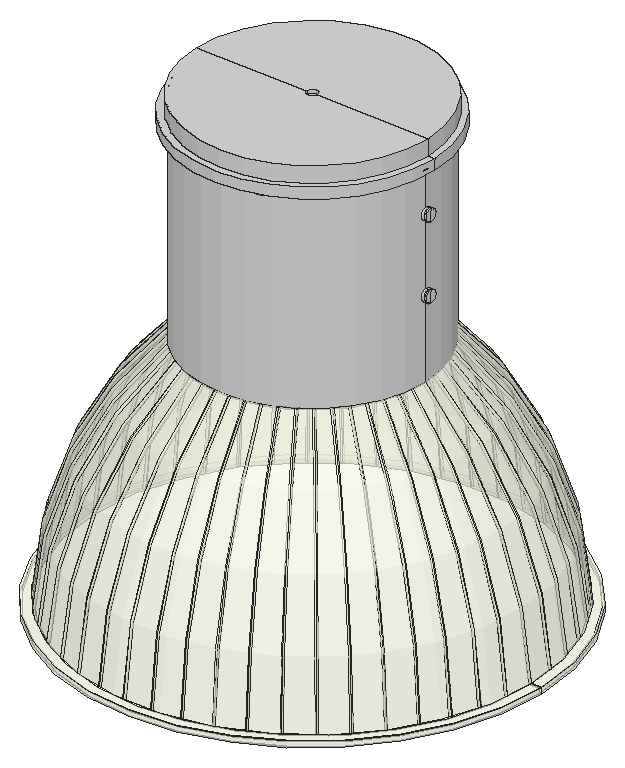
Revit family "FA22", category Lighting Fixtures, Revit 2024
Family settings
  Round Connector Dimension = Use Diameter
  Part Type = Normal
  OmniClass Number = 23.80.70.00
  OmniClass Title = Lighting
  Work Plane-Based = No
  Always vertical = Yes
  Cut with Voids When Loaded = No
  Light Source = No
  Maintain Annotation Orientation = No
  Shared = No
  Room Calculation Point = No
Parameters
  Default Elevation = 0' - 0"
Reference planes (in)
  plane 1 "Light Source Axis (F/B)": y = 0
  plane 2: z = 0
  plane 3 "Light Source Axis (L/R)": x = 0
  plane 4 "Light Source Elevation": z = 54
Forms (in)
  Revolve 1, solid, material "48"
    sketch origin (0, 0, 0) x (1, 0, 0) y (0, 0, 1)
      loop
        line (5.5625, 76) -> (0.25, 76) -> (0.25, 75.875) -> (5.4375, 75.875) -> (5.4375, 75.125) -> (5.75, 75.125) -> (5.75, 74.875) -> (5.6875, 74.875)
        arc (5.6875, 74.875) -> (5.42233, 74.76517) -> (5.3125, 74.5) r 0.375
        line (5.3125, 74.5) -> (5.3125, 65.59375) -> (0.25, 65.59375) -> (0.25, 65.5) -> (5.4375, 65.5) -> (5.4375, 74.5)
        arc (5.4375, 74.5) -> (5.51072, 74.67678) -> (5.6875, 74.75) r 0.25
        line (5.6875, 74.75) -> (5.875, 74.75) -> (5.875, 75.25) -> (5.5625, 75.25) -> (5.5625, 76)
      axis (0, 76) -> (0, 65.5)
    angle from 0 to 360
  Revolve 2, solid, material "48"
    sketch origin (1.9375, 0, 0.875) x (1, 0, 0) y (0, 0, 1)
      loop
        line (3.5, 71.875) -> (3.75, 71.875) -> (3.75, 72.145) -> (3.686, 72.145) -> (3.686, 72.105)
        arc (3.686, 72.105) -> (3.633, 72.052) -> (3.58, 72.105) r 0.053
        arc (3.58, 72.105) -> (3.54, 72.145) -> (3.5, 72.105) r 0.04
        line (3.5, 72.105) -> (3.5, 71.875)
      axis (3.75, 71.875) -> (3.5, 71.875)
    angle from 0 to 360
  Revolve 3, solid, material "48"
    sketch origin (1.9375, 0, -2.625) x (1, 0, 0) y (0, 0, 1)
      loop
        line (3.5, 71.875) -> (3.75, 71.875) -> (3.75, 72.145) -> (3.686, 72.145) -> (3.686, 72.105)
        arc (3.686, 72.105) -> (3.633, 72.052) -> (3.58, 72.105) r 0.053
        arc (3.58, 72.105) -> (3.54, 72.145) -> (3.5, 72.105) r 0.04
        line (3.5, 72.105) -> (3.5, 71.875)
      axis (3.75, 71.875) -> (3.5, 71.875)
    angle from 0 to 360
  Revolve 4, solid, material "48"
    sketch origin (-1.9375, 0, -2.625) x (-1, 0, 0) y (0, 0, -1)
      loop
        line (3.5, -71.875) -> (3.5, -72.105)
        arc (3.5, -72.105) -> (3.54, -72.145) -> (3.58, -72.105) r 0.04
        arc (3.58, -72.105) -> (3.633, -72.052) -> (3.686, -72.105) r 0.053
        line (3.686, -72.105) -> (3.686, -72.145) -> (3.75, -72.145) -> (3.75, -71.875) -> (3.5, -71.875)
      axis (3.75, -71.875) -> (3.5, -71.875)
    angle from 0 to 360
  Revolve 5, solid, material "48"
    sketch origin (-1.9375, 0, 0.875) x (-1, 0, 0) y (0, 0, -1)
      loop
        line (3.5, -71.875) -> (3.5, -72.105)
        arc (3.5, -72.105) -> (3.54, -72.145) -> (3.58, -72.105) r 0.04
        arc (3.58, -72.105) -> (3.633, -72.052) -> (3.686, -72.105) r 0.053
        line (3.686, -72.105) -> (3.686, -72.145) -> (3.75, -72.145) -> (3.75, -71.875) -> (3.5, -71.875)
      axis (3.75, -71.875) -> (3.5, -71.875)
    angle from 0 to 360
  Revolve 6, solid, material "GLASS SHADE"
    sketch origin (0, 0, 0) x (1, 0, 0) y (0, 0, 1)
      loop
        arc (10.5334, 54.30779) -> (9.07416, 60.39959) -> (5.4375, 65.5) r 16.40104
        line (5.4375, 65.5) -> (0.25, 65.5) -> (0.25, 65.40625) -> (5.40003, 65.40625)
        arc (5.40003, 65.40625) -> (9.01507, 60.30283) -> (10.44335, 54.21404) r 16.30729
        line (10.44335, 54.21404) -> (10.90625, 54.21404) -> (10.90625, 54) -> (11, 54) -> (11, 54.30779) -> (10.5334, 54.30779)
      axis (0, 54) -> (0, 65.5)
    angle from 0 to 360
  Sweep 7, solid, material "GLASS SHADE"
    path origin (0, 0, 0) x (1, 0, 0) y (0, 0, 1)
      loop
        arc (5.40003, 65.40625) -> (9.02499, 60.35864) -> (10.44124, 54.30779) r 15.91942
    profile origin (9.02499, 0, 60.35864) x (0.910476, 0, 0.413561) y (0, -1, 0)
      loop
        circle (0, 0) r 0.0625
  Sweep 8, solid, material "GLASS SHADE"
    path origin (0, 0, 0) x (0.992115, -0.125333, 0) y (0, 0, 1)
      loop
        arc (5.40003, 65.40625) -> (9.02499, 60.35864) -> (10.44124, 54.30779) r 15.91942
    profile origin (8.95382, -1.13113, 60.35864) x (0.903297, -0.114113, 0.413561) y (-0.125333, -0.992115, 0)
      loop
        circle (0, 0) r 0.0625
  Sweep 9, solid, material "GLASS SHADE"
    path origin (0, 0, 0) x (0.992115, 0.125333, 0) y (0, 0, 1)
      loop
        arc (5.40003, 65.40625) -> (9.02499, 60.35864) -> (10.44124, 54.30779) r 15.91942
    profile origin (8.95382, 1.13113, 60.35864) x (0.903297, 0.114113, 0.413561) y (0.125333, -0.992115, 0)
      loop
        circle (0, 0) r 0.0625
  Sweep 10, solid, material "GLASS SHADE"
    path origin (0, 0, 0) x (0.968583, 0.24869, 0) y (0, 0, 1)
      loop
        arc (5.40003, 65.40625) -> (9.02499, 60.35864) -> (10.44124, 54.30779) r 15.91942
    profile origin (8.74145, 2.24442, 60.35864) x (0.881872, 0.226426, 0.413561) y (0.24869, -0.968583, 0)
      loop
        circle (0, 0) r 0.0625
  Sweep 11, solid, material "GLASS SHADE"
    path origin (0, 0, 0) x (0.929776, 0.368125, 0) y (0, 0, 1)
      loop
        arc (5.40003, 65.40625) -> (9.02499, 60.35864) -> (10.44124, 54.30779) r 15.91942
    profile origin (8.39122, 3.32232, 60.35864) x (0.846539, 0.335169, 0.413561) y (0.368125, -0.929776, 0)
      loop
        circle (0, 0) r 0.0625
  Sweep 12, solid, material "GLASS SHADE"
    path origin (0, 0, 0) x (0.876307, 0.481754, 0) y (0, 0, 1)
      loop
        arc (5.40003, 65.40625) -> (9.02499, 60.35864) -> (10.44124, 54.30779) r 15.91942
    profile origin (7.90866, 4.34782, 60.35864) x (0.797856, 0.438625, 0.413561) y (0.481754, -0.876307, 0)
      loop
        circle (0, 0) r 0.0625
  Sweep 13, solid, material "GLASS SHADE"
    path origin (0, 0, 0) x (0.809017, 0.587785, 0) y (0, 0, 1)
      loop
        arc (5.40003, 65.40625) -> (9.02499, 60.35864) -> (10.44124, 54.30779) r 15.91942
    profile origin (7.30137, 5.30476, 60.35864) x (0.736591, 0.535165, 0.413561) y (0.587785, -0.809017, 0)
      loop
        circle (0, 0) r 0.0625
  Sweep 14, solid, material "GLASS SHADE"
    path origin (0, 0, 0) x (0.728969, 0.684547, 0) y (0, 0, 1)
      loop
        arc (5.40003, 65.40625) -> (9.02499, 60.35864) -> (10.44124, 54.30779) r 15.91942
    profile origin (6.57893, 6.17803, 60.35864) x (0.663709, 0.623264, 0.413561) y (0.684547, -0.728969, 0)
      loop
        circle (0, 0) r 0.0625
  Sweep 15, solid, material "GLASS SHADE"
    path origin (0, 0, 0) x (0.637424, 0.770513, 0) y (0, 0, 1)
      loop
        arc (5.40003, 65.40625) -> (9.02499, 60.35864) -> (10.44124, 54.30779) r 15.91942
    profile origin (5.75274, 6.95387, 60.35864) x (0.580359, 0.701534, 0.413561) y (0.770513, -0.637424, 0)
      loop
        circle (0, 0) r 0.0625
  Sweep 16, solid, material "GLASS SHADE"
    path origin (0, 0, 0) x (0.535827, 0.844328, 0) y (0, 0, 1)
      loop
        arc (5.40003, 65.40625) -> (9.02499, 60.35864) -> (10.44124, 54.30779) r 15.91942
    profile origin (4.83583, 7.62005, 60.35864) x (0.487858, 0.768741, 0.413561) y (0.844328, -0.535827, 0)
      loop
        circle (0, 0) r 0.0625
  Sweep 17, solid, material "GLASS SHADE"
    path origin (0, 0, 0) x (0.425779, 0.904827, 0) y (0, 0, 1)
      loop
        arc (5.40003, 65.40625) -> (9.02499, 60.35864) -> (10.44124, 54.30779) r 15.91942
    profile origin (3.84265, 8.16605, 60.35864) x (0.387662, 0.823824, 0.413561) y (0.904827, -0.425779, 0)
      loop
        circle (0, 0) r 0.0625
  Sweep 18, solid, material "GLASS SHADE"
    path origin (0, 0, 0) x (0.309017, 0.951057, 0) y (0, 0, 1)
      loop
        arc (5.40003, 65.40625) -> (9.02499, 60.35864) -> (10.44124, 54.30779) r 15.91942
    profile origin (2.78887, 8.58327, 60.35864) x (0.281353, 0.865914, 0.413561) y (0.951057, -0.309017, 0)
      loop
        circle (0, 0) r 0.0625
  Sweep 19, solid, material "GLASS SHADE"
    path origin (0, 0, 0) x (0.187381, 0.982287, 0) y (0, 0, 1)
      loop
        arc (5.40003, 65.40625) -> (9.02499, 60.35864) -> (10.44124, 54.30779) r 15.91942
    profile origin (1.69111, 8.86513, 60.35864) x (0.170606, 0.894349, 0.413561) y (0.982287, -0.187381, 0)
      loop
        circle (0, 0) r 0.0625
  Sweep 20, solid, material "GLASS SHADE"
    path origin (0, 0, 0) x (0.062791, 0.998027, 0) y (0, 0, 1)
      loop
        arc (5.40003, 65.40625) -> (9.02499, 60.35864) -> (10.44124, 54.30779) r 15.91942
    profile origin (0.56668, 9.00718, 60.35864) x (0.057169, 0.90868, 0.413561) y (0.998027, -0.062791, 0)
      loop
        circle (0, 0) r 0.0625
  Sweep 21, solid, material "GLASS SHADE"
    path origin (0, 0, 0) x (-0.062791, 0.998027, 0) y (0, 0, 1)
      loop
        arc (5.40003, 65.40625) -> (9.02499, 60.35864) -> (10.44124, 54.30779) r 15.91942
    profile origin (-0.56668, 9.00718, 60.35864) x (-0.057169, 0.90868, 0.413561) y (0.998027, 0.062791, 0)
      loop
        circle (0, 0) r 0.0625
  Sweep 22, solid, material "GLASS SHADE"
    path origin (0, 0, 0) x (-0.187381, 0.982287, 0) y (0, 0, 1)
      loop
        arc (5.40003, 65.40625) -> (9.02499, 60.35864) -> (10.44124, 54.30779) r 15.91942
    profile origin (-1.69111, 8.86513, 60.35864) x (-0.170606, 0.894349, 0.413561) y (0.982287, 0.187381, 0)
      loop
        circle (0, 0) r 0.0625
  Sweep 23, solid, material "GLASS SHADE"
    path origin (0, 0, 0) x (-0.309017, 0.951057, 0) y (0, 0, 1)
      loop
        arc (5.40003, 65.40625) -> (9.02499, 60.35864) -> (10.44124, 54.30779) r 15.91942
    profile origin (-2.78887, 8.58327, 60.35864) x (-0.281353, 0.865914, 0.413561) y (0.951057, 0.309017, 0)
      loop
        circle (0, 0) r 0.0625
  Sweep 24, solid, material "GLASS SHADE"
    path origin (0, 0, 0) x (-0.425779, 0.904827, 0) y (0, 0, 1)
      loop
        arc (5.40003, 65.40625) -> (9.02499, 60.35864) -> (10.44124, 54.30779) r 15.91942
    profile origin (-3.84265, 8.16605, 60.35864) x (-0.387662, 0.823824, 0.413561) y (0.904827, 0.425779, 0)
      loop
        circle (0, 0) r 0.0625
  Sweep 25, solid, material "GLASS SHADE"
    path origin (0, 0, 0) x (-0.535827, 0.844328, 0) y (0, 0, 1)
      loop
        arc (5.40003, 65.40625) -> (9.02499, 60.35864) -> (10.44124, 54.30779) r 15.91942
    profile origin (-4.83583, 7.62005, 60.35864) x (-0.487858, 0.768741, 0.413561) y (0.844328, 0.535827, 0)
      loop
        circle (0, 0) r 0.0625
  Sweep 26, solid, material "GLASS SHADE"
    path origin (0, 0, 0) x (-0.637424, 0.770513, 0) y (0, 0, 1)
      loop
        arc (5.40003, 65.40625) -> (9.02499, 60.35864) -> (10.44124, 54.30779) r 15.91942
    profile origin (-5.75274, 6.95387, 60.35864) x (-0.580359, 0.701534, 0.413561) y (0.770513, 0.637424, 0)
      loop
        circle (0, 0) r 0.0625
  Sweep 27, solid, material "GLASS SHADE"
    path origin (0, 0, 0) x (-0.728969, 0.684547, 0) y (0, 0, 1)
      loop
        arc (5.40003, 65.40625) -> (9.02499, 60.35864) -> (10.44124, 54.30779) r 15.91942
    profile origin (-6.57893, 6.17803, 60.35864) x (-0.663709, 0.623264, 0.413561) y (0.684547, 0.728969, 0)
      loop
        circle (0, 0) r 0.0625
  Sweep 28, solid, material "GLASS SHADE"
    path origin (0, 0, 0) x (-0.809017, 0.587785, 0) y (0, 0, 1)
      loop
        arc (5.40003, 65.40625) -> (9.02499, 60.35864) -> (10.44124, 54.30779) r 15.91942
    profile origin (-7.30137, 5.30476, 60.35864) x (-0.736591, 0.535165, 0.413561) y (0.587785, 0.809017, 0)
      loop
        circle (0, 0) r 0.0625
  Sweep 29, solid, material "GLASS SHADE"
    path origin (0, 0, 0) x (-0.876307, 0.481754, 0) y (0, 0, 1)
      loop
        arc (5.40003, 65.40625) -> (9.02499, 60.35864) -> (10.44124, 54.30779) r 15.91942
    profile origin (-7.90866, 4.34782, 60.35864) x (-0.797856, 0.438625, 0.413561) y (0.481754, 0.876307, 0)
      loop
        circle (0, 0) r 0.0625
  Sweep 30, solid, material "GLASS SHADE"
    path origin (0, 0, 0) x (-0.929776, 0.368125, 0) y (0, 0, 1)
      loop
        arc (5.40003, 65.40625) -> (9.02499, 60.35864) -> (10.44124, 54.30779) r 15.91942
    profile origin (-8.39122, 3.32232, 60.35864) x (-0.846539, 0.335169, 0.413561) y (0.368125, 0.929776, 0)
      loop
        circle (0, 0) r 0.0625
  Sweep 31, solid, material "GLASS SHADE"
    path origin (0, 0, 0) x (-0.968583, 0.24869, 0) y (0, 0, 1)
      loop
        arc (5.40003, 65.40625) -> (9.02499, 60.35864) -> (10.44124, 54.30779) r 15.91942
    profile origin (-8.74145, 2.24442, 60.35864) x (-0.881872, 0.226426, 0.413561) y (0.24869, 0.968583, 0)
      loop
        circle (0, 0) r 0.0625
  Sweep 32, solid, material "GLASS SHADE"
    path origin (0, 0, 0) x (-0.992115, 0.125333, 0) y (0, 0, 1)
      loop
        arc (5.40003, 65.40625) -> (9.02499, 60.35864) -> (10.44124, 54.30779) r 15.91942
    profile origin (-8.95382, 1.13113, 60.35864) x (-0.903297, 0.114113, 0.413561) y (0.125333, 0.992115, 0)
      loop
        circle (0, 0) r 0.0625
  Sweep 33, solid, material "GLASS SHADE"
    path origin (0, 0, 0) x (-1, 0, 0) y (0, 0, 1)
      loop
        arc (5.40003, 65.40625) -> (9.02499, 60.35864) -> (10.44124, 54.30779) r 15.91942
    profile origin (-9.02499, 0, 60.35864) x (-0.910476, 0, 0.413561) y (0, 1, 0)
      loop
        circle (0, 0) r 0.0625
  Sweep 34, solid, material "GLASS SHADE"
    path origin (0, 0, 0) x (-0.992115, -0.125333, 0) y (0, 0, 1)
      loop
        arc (5.40003, 65.40625) -> (9.02499, 60.35864) -> (10.44124, 54.30779) r 15.91942
    profile origin (-8.95382, -1.13113, 60.35864) x (-0.903297, -0.114113, 0.413561) y (-0.125333, 0.992115, 0)
      loop
        circle (0, 0) r 0.0625
  Sweep 35, solid, material "GLASS SHADE"
    path origin (0, 0, 0) x (-0.968583, -0.24869, 0) y (0, 0, 1)
      loop
        arc (5.40003, 65.40625) -> (9.02499, 60.35864) -> (10.44124, 54.30779) r 15.91942
    profile origin (-8.74145, -2.24442, 60.35864) x (-0.881872, -0.226426, 0.413561) y (-0.24869, 0.968583, 0)
      loop
        circle (0, 0) r 0.0625
  Sweep 36, solid, material "GLASS SHADE"
    path origin (0, 0, 0) x (-0.929776, -0.368125, 0) y (0, 0, 1)
      loop
        arc (5.40003, 65.40625) -> (9.02499, 60.35864) -> (10.44124, 54.30779) r 15.91942
    profile origin (-8.39122, -3.32232, 60.35864) x (-0.846539, -0.335169, 0.413561) y (-0.368125, 0.929776, 0)
      loop
        circle (0, 0) r 0.0625
  Sweep 37, solid, material "GLASS SHADE"
    path origin (0, 0, 0) x (-0.876307, -0.481754, 0) y (0, 0, 1)
      loop
        arc (5.40003, 65.40625) -> (9.02499, 60.35864) -> (10.44124, 54.30779) r 15.91942
    profile origin (-7.90866, -4.34782, 60.35864) x (-0.797856, -0.438625, 0.413561) y (-0.481754, 0.876307, 0)
      loop
        circle (0, 0) r 0.0625
  Sweep 38, solid, material "GLASS SHADE"
    path origin (0, 0, 0) x (-0.809017, -0.587785, 0) y (0, 0, 1)
      loop
        arc (5.40003, 65.40625) -> (9.02499, 60.35864) -> (10.44124, 54.30779) r 15.91942
    profile origin (-7.30137, -5.30476, 60.35864) x (-0.736591, -0.535165, 0.413561) y (-0.587785, 0.809017, 0)
      loop
        circle (0, 0) r 0.0625
  Sweep 39, solid, material "GLASS SHADE"
    path origin (0, 0, 0) x (-0.728969, -0.684547, 0) y (0, 0, 1)
      loop
        arc (5.40003, 65.40625) -> (9.02499, 60.35864) -> (10.44124, 54.30779) r 15.91942
    profile origin (-6.57893, -6.17803, 60.35864) x (-0.663709, -0.623264, 0.413561) y (-0.684547, 0.728969, 0)
      loop
        circle (0, 0) r 0.0625
  Sweep 40, solid, material "GLASS SHADE"
    path origin (0, 0, 0) x (-0.637424, -0.770513, 0) y (0, 0, 1)
      loop
        arc (5.40003, 65.40625) -> (9.02499, 60.35864) -> (10.44124, 54.30779) r 15.91942
    profile origin (-5.75274, -6.95387, 60.35864) x (-0.580359, -0.701534, 0.413561) y (-0.770513, 0.637424, 0)
      loop
        circle (0, 0) r 0.0625
  Sweep 41, solid, material "GLASS SHADE"
    path origin (0, 0, 0) x (-0.535827, -0.844328, 0) y (0, 0, 1)
      loop
        arc (5.40003, 65.40625) -> (9.02499, 60.35864) -> (10.44124, 54.30779) r 15.91942
    profile origin (-4.83583, -7.62005, 60.35864) x (-0.487858, -0.768741, 0.413561) y (-0.844328, 0.535827, 0)
      loop
        circle (0, 0) r 0.0625
  Sweep 42, solid, material "GLASS SHADE"
    path origin (0, 0, 0) x (-0.425779, -0.904827, 0) y (0, 0, 1)
      loop
        arc (5.40003, 65.40625) -> (9.02499, 60.35864) -> (10.44124, 54.30779) r 15.91942
    profile origin (-3.84265, -8.16605, 60.35864) x (-0.387662, -0.823824, 0.413561) y (-0.904827, 0.425779, 0)
      loop
        circle (0, 0) r 0.0625
  Sweep 43, solid, material "GLASS SHADE"
    path origin (0, 0, 0) x (-0.309017, -0.951057, 0) y (0, 0, 1)
      loop
        arc (5.40003, 65.40625) -> (9.02499, 60.35864) -> (10.44124, 54.30779) r 15.91942
    profile origin (-2.78887, -8.58327, 60.35864) x (-0.281353, -0.865914, 0.413561) y (-0.951057, 0.309017, 0)
      loop
        circle (0, 0) r 0.0625
  Sweep 44, solid, material "GLASS SHADE"
    path origin (0, 0, 0) x (-0.187381, -0.982287, 0) y (0, 0, 1)
      loop
        arc (5.40003, 65.40625) -> (9.02499, 60.35864) -> (10.44124, 54.30779) r 15.91942
    profile origin (-1.69111, -8.86513, 60.35864) x (-0.170606, -0.894349, 0.413561) y (-0.982287, 0.187381, 0)
      loop
        circle (0, 0) r 0.0625
  Sweep 45, solid, material "GLASS SHADE"
    path origin (0, 0, 0) x (-0.062791, -0.998027, 0) y (0, 0, 1)
      loop
        arc (5.40003, 65.40625) -> (9.02499, 60.35864) -> (10.44124, 54.30779) r 15.91942
    profile origin (-0.56668, -9.00718, 60.35864) x (-0.057169, -0.90868, 0.413561) y (-0.998027, 0.062791, 0)
      loop
        circle (0, 0) r 0.0625
  Sweep 46, solid, material "GLASS SHADE"
    path origin (0, 0, 0) x (0.062791, -0.998027, 0) y (0, 0, 1)
      loop
        arc (5.40003, 65.40625) -> (9.02499, 60.35864) -> (10.44124, 54.30779) r 15.91942
    profile origin (0.56668, -9.00718, 60.35864) x (0.057169, -0.90868, 0.413561) y (-0.998027, -0.062791, 0)
      loop
        circle (0, 0) r 0.0625
  Sweep 47, solid, material "GLASS SHADE"
    path origin (0, 0, 0) x (0.187381, -0.982287, 0) y (0, 0, 1)
      loop
        arc (5.40003, 65.40625) -> (9.02499, 60.35864) -> (10.44124, 54.30779) r 15.91942
    profile origin (1.69111, -8.86513, 60.35864) x (0.170606, -0.894349, 0.413561) y (-0.982287, -0.187381, 0)
      loop
        circle (0, 0) r 0.0625
  Sweep 48, solid, material "GLASS SHADE"
    path origin (0, 0, 0) x (0.309017, -0.951057, 0) y (0, 0, 1)
      loop
        arc (5.40003, 65.40625) -> (9.02499, 60.35864) -> (10.44124, 54.30779) r 15.91942
    profile origin (2.78887, -8.58327, 60.35864) x (0.281353, -0.865914, 0.413561) y (-0.951057, -0.309017, 0)
      loop
        circle (0, 0) r 0.0625
  Sweep 49, solid, material "GLASS SHADE"
    path origin (0, 0, 0) x (0.425779, -0.904827, 0) y (0, 0, 1)
      loop
        arc (5.40003, 65.40625) -> (9.02499, 60.35864) -> (10.44124, 54.30779) r 15.91942
    profile origin (3.84265, -8.16605, 60.35864) x (0.387662, -0.823824, 0.413561) y (-0.904827, -0.425779, 0)
      loop
        circle (0, 0) r 0.0625
  Sweep 50, solid, material "GLASS SHADE"
    path origin (0, 0, 0) x (0.535827, -0.844328, 0) y (0, 0, 1)
      loop
        arc (5.40003, 65.40625) -> (9.02499, 60.35864) -> (10.44124, 54.30779) r 15.91942
    profile origin (4.83583, -7.62005, 60.35864) x (0.487858, -0.768741, 0.413561) y (-0.844328, -0.535827, 0)
      loop
        circle (0, 0) r 0.0625
  Sweep 51, solid, material "GLASS SHADE"
    path origin (0, 0, 0) x (0.637424, -0.770513, 0) y (0, 0, 1)
      loop
        arc (5.40003, 65.40625) -> (9.02499, 60.35864) -> (10.44124, 54.30779) r 15.91942
    profile origin (5.75274, -6.95387, 60.35864) x (0.580359, -0.701534, 0.413561) y (-0.770513, -0.637424, 0)
      loop
        circle (0, 0) r 0.0625
  Sweep 52, solid, material "GLASS SHADE"
    path origin (0, 0, 0) x (0.728969, -0.684547, 0) y (0, 0, 1)
      loop
        arc (5.40003, 65.40625) -> (9.02499, 60.35864) -> (10.44124, 54.30779) r 15.91942
    profile origin (6.57893, -6.17803, 60.35864) x (0.663709, -0.623264, 0.413561) y (-0.684547, -0.728969, 0)
      loop
        circle (0, 0) r 0.0625
  Sweep 53, solid, material "GLASS SHADE"
    path origin (0, 0, 0) x (0.809017, -0.587785, 0) y (0, 0, 1)
      loop
        arc (5.40003, 65.40625) -> (9.02499, 60.35864) -> (10.44124, 54.30779) r 15.91942
    profile origin (7.30137, -5.30476, 60.35864) x (0.736591, -0.535165, 0.413561) y (-0.587785, -0.809017, 0)
      loop
        circle (0, 0) r 0.0625
  Sweep 54, solid, material "GLASS SHADE"
    path origin (0, 0, 0) x (0.876307, -0.481754, 0) y (0, 0, 1)
      loop
        arc (5.40003, 65.40625) -> (9.02499, 60.35864) -> (10.44124, 54.30779) r 15.91942
    profile origin (7.90866, -4.34782, 60.35864) x (0.797856, -0.438625, 0.413561) y (-0.481754, -0.876307, 0)
      loop
        circle (0, 0) r 0.0625
  Sweep 55, solid, material "GLASS SHADE"
    path origin (0, 0, 0) x (0.929776, -0.368125, 0) y (0, 0, 1)
      loop
        arc (5.40003, 65.40625) -> (9.02499, 60.35864) -> (10.44124, 54.30779) r 15.91942
    profile origin (8.39122, -3.32232, 60.35864) x (0.846539, -0.335169, 0.413561) y (-0.368125, -0.929776, 0)
      loop
        circle (0, 0) r 0.0625
  Sweep 56, solid, material "GLASS SHADE"
    path origin (0, 0, 0) x (0.968583, -0.24869, 0) y (0, 0, 1)
      loop
        arc (5.40003, 65.40625) -> (9.02499, 60.35864) -> (10.44124, 54.30779) r 15.91942
    profile origin (8.74145, -2.24442, 60.35864) x (0.881872, -0.226426, 0.413561) y (-0.24869, -0.968583, 0)
      loop
        circle (0, 0) r 0.0625
Dimensions and locks (in)
  aligned and locked: level to plane 2
